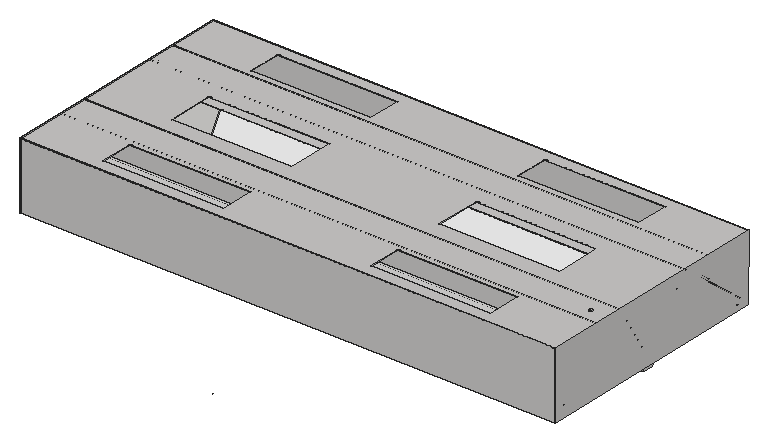
Revit family "QF_ELECTROLUXPROFESSIONAL_640238_STCF1840", category Attrezzature speciali, Revit 2021
Family settings
  Quota connettore circolare = Usa diametro
  Tipo di parte = Normale
  Basato su piano di lavoro = No
  Sempre verticale = Sì
  Taglio con vuoti quando caricato = No
  Condiviso = No
  Punto di calcolo locali = No
Parameters (values of type "Standard")
  Weight = 292.00 kg
  Watts = 640 W
  Volts = 220 V
  URL Manufacturer = "https://www.electroluxprofessional.com/"
  URL = "https://www.electroluxprofessional.com/"
  Steam Supply Size = 0 mm
  Steam Supply Minimum Pressure = 0.0 Pa
  Steam Supply Maximum Pressure = 0.0 Pa
  Steam Consumption per Hour = 0
  Refrigeration Suction Line Size = 0 mm
  Refrigeration Liquid Line Size = 0 mm
  Refrigerant Compressor Remote = yes
  Prospetto di default = 0 mm
  Produttore = "Electrolux Professional"
  Phase = 1
  Modello = "STCF1840"
  Length Actual = 4000 mm  # constant formula
  Item Number = "640238"
  Hot Water Size = 0 mm
  Height Actual = 500 mm  # constant formula
  HP = "0.9 HP"
  Gas Size = 0 mm
  Gas KW = 0
  Gas Input Pressure = 0 W
  Direct Waste Size = 0 mm
  Descrizione = "304 S/S ISLAND HOOD+FILT.+LAMPS 400X180"
  Depth Actual = 1800 mm  # constant formula
  Cycle = 50 Hz
  Condensate Return Size = 0 mm
  Compressed Air Volume = 0.0 L/s
  Compressed Air Size = 0 mm
  Compressed Air Pressure = 0.0 Pa
  Cold Water Size = 0 mm
  Accessory = yes
Reference planes
  plane 1: z = 0
  plane 2 "Center (Left/Right)": x = 150
  plane 3 "LEFT": x = -1850
  plane 4 "RIGHT": x = 2150
  plane 5 "BACK": y = 550
  plane 6 "TOP": z = 2500
  plane 7 "Base": z = 2000
  plane 8: z = 1955
  plane 9: x = -1847
  plane 10 "DrainX": x = 2030
  plane 11 "AOLeft2": x = -400
  plane 12 "AORight1": x = 700
  plane 13: x = 2147
  plane 14: x = -1650
  plane 15: x = 1950
  plane 16 "Center (Front/Back)": y = -350
  plane 17 "Front": y = -1250
  plane 18 "AOLeft1": x = -1300
  plane 19 "AORight2": x = 1600
  plane 20 "EI_y": y = -770
  plane 21 "EIx": x = 2030
  plane 22: y = 464
  plane 23: y = 214
  plane 24: y = -1164
  plane 25: y = -914
  plane 26: y = -175
  plane 27: y = -525
Forms (mm)
  Extrusion 1, solid, material "QF_Finishes_Stainless Steel"
    sketch origin (-1850, 0, 360) x (0, 1, 0) y (0, 0, 1)
      loop
        line (550, 1640) -> (550, 2140) -> (-1250, 2140) -> (-1250, 1640) -> (550, 1640)
    from 0 to 3
  Extrusion 2, solid, material "QF_Finishes_Stainless Steel"
    sketch origin (2150, 0, 360) x (0, 1, 0) y (0, 0, 1)
      loop
        line (550, 1640) -> (550, 2140) -> (-1250, 2140) -> (-1250, 1640) -> (550, 1640)
    from 0 to -3
  Extrusion 3, solid, material "QF_Finishes_Stainless Steel"
    sketch origin (150, 0, 360) x (0, 1, 0) y (0, 0, 1)
      loop
        line (-1250, 2140) -> (-1250, 1640) -> (-1240, 1640) -> (-1240, 1640.8) -> (-1249.2, 1640.8) -> (-1249.2, 2139.19) -> (549.2, 2139.19) -> (549.2, 1640.8) -> (540, 1640.8) -> (540, 1640) -> (550, 1640) -> (550, 2140) -> (-1250, 2140)
    from -2000 to 2000
  Extrusion 4, solid, material "QF_Finishes_Stainless Steel"
    sketch origin (0, -840, 2000) x (0, 1, 0) y (-1, 0, 0)
      loop
        circle (490, -2030) r 4.763
    from -30 to 0
  Extrusion 5, void
    sketch origin (0, 0, 2500) x (0, 1, 0) y (-1, 0, 0)
      loop
        line (-1164, 400) -> (-914, 400) -> (-914, 1300) -> (-1164, 1300) -> (-1164, 400)
    from 0 to -10
  Extrusion 6, solid, material "QF_Finishes_Stainless Steel"
    sketch origin (0, 0, 0) x (1, 0, 0) y (0, 1, 0)
      loop
        line (-1850, 550) -> (-1850, 549) -> (-1849, 549) -> (-1849, 550) -> (-1850, 550)
    from 0 to 1
  Sweep 7, solid, material "QF_Finishes_Stainless Steel"
    path origin (0, 0, 0) x (1, 0, 0) y (0, 1, 0)
      loop
        line (2150, 550) -> (-1850, 550) -> (-1850, -1250) -> (2150, -1250) -> (2150, 550)
    profile origin (2150, -350, 0) x (1, 0, 0) y (0, 0, 1)
      loop
        line (-3, 2000) -> (-3, 2000.8) -> (-19, 2000.8) -> (-19, 2010) -> (-20, 2010) -> (-20, 2000) -> (-3, 2000)
  Extrusion 8, solid, material "QF_Finishes_Stainless Steel"
    sketch origin (150, -826.94, 0) x (0, 1, 0) y (0, 0, 1)
      loop
        line (414.66, 2095.469) -> (440.643, 2110.471) -> (261.744, 2411.771) -> (235.948, 2396.455) -> (414.66, 2095.469)
    from -1997 to -1800
  Extrusion 9, void
    sketch origin (1134.605, 0, 2500) x (0, 1, 0) y (-1, 0, 0)
      loop
        line (-1164, -465.395) -> (-914, -465.395) -> (-914, 434.605) -> (-1164, 434.605) -> (-1164, -465.395)
    from 0 to -10
  Extrusion 10, solid, material "QF_Finishes_Stainless Steel"
    sketch origin (2030, -840, 0) x (0, 1, 0) y (0, 0, 1)
      loop
        line (539, 2000) -> (441, 2000) -> (441, 1989) -> (448.5, 1989) -> (448.5, 1965)
        arc (448.5, 1965) -> (451.429, 1957.929) -> (458.5, 1955) r 10
        line (458.5, 1955) -> (521.5, 1955)
        arc (521.5, 1955) -> (528.571, 1957.929) -> (531.5, 1965) r 10
        line (531.5, 1965) -> (531.5, 1989) -> (539, 1989) -> (539, 2000)
    from 90 to -90
  Extrusion 11, solid, material "QF_Finishes_Stainless Steel"
    sketch origin (150, -826.94, 0) x (0, 1, 0) y (0, 0, 1)
      loop
        line (414.66, 2095.469) -> (440.643, 2110.471) -> (261.744, 2411.771) -> (235.948, 2396.455) -> (414.66, 2095.469)
    from 1800 to 1997
  Extrusion 12, solid, material "QF_Finished_Chrome"
    sketch origin (150, -826.94, 0) x (0, 1, 0) y (0, 0, 1)
      loop
        line (414.66, 2095.469) -> (440.643, 2110.471) -> (261.744, 2411.771) -> (235.948, 2396.455) -> (414.66, 2095.469)
    from -1800 to 1800
  Extrusion 13, void
    sketch origin (0, 1180, 2500) x (0, 1, 0) y (-1, 0, 0)
      loop
        line (-1355, 400) -> (-1355, 1300) -> (-1705, 1300) -> (-1705, 400) -> (-1355, 400)
    from 0 to -10
  Extrusion 14, void
    sketch origin (1600, 1180, 2500) x (0, 1, 0) y (-1, 0, 0)
      loop
        line (-1355, 0) -> (-1355, 900) -> (-1705, 900) -> (-1705, 0) -> (-1355, 0)
    from 0 to -10
  Extrusion 15, solid, material "QF_Finishes_Stainless Steel"
    sketch origin (0, 0, 2500) x (0, 1, 0) y (-1, 0, 0)
      loop
        circle (-770, -2030) r 10
    from 0 to 1.6
  Extrusion 16, solid, material "QF_Finishes_Stainless Steel"
    sketch origin (150, -826.94, 360) x (0, 1, 0) y (0, 0, 1)
      loop
        line (430.005, 1640) -> (476.94, 1640) -> (476.94, 1640.8) -> (430.467, 1640.8) -> (371.906, 1742.23) -> (414.858, 1734.657) -> (442.266, 1750.481) -> (442.266, 1765.943) -> (441.466, 1765.943) -> (441.466, 1750.943) -> (414.709, 1735.495) -> (321.153, 1751.991) -> (320.875, 1750.416) -> (371.4, 1741.507) -> (430.005, 1640)
      loop
        line (172.529, 2139.19) -> (242.893, 2017.316) -> (245.133, 2018.715) -> (240.13, 2027.381) -> (238.569, 2026.405) -> (173.453, 2139.19) -> (172.529, 2139.19)
    from -1997 to 1997
  Extrusion 17, solid, material "QF_LAMPS"
    sketch origin (150, 0, 360) x (0, 1, 0) y (0, 0, 1)
      loop
        line (-872.823, 1962.324) -> (-718.948, 2086.929) -> (-727.129, 2097.032) -> (-881.003, 1972.426) -> (-872.823, 1962.324)
    from 1997 to -1997
  Extrusion 18, solid, material "QF_Finishes_Stainless Steel"
    sketch origin (150, 0, 360) x (0, 1, 0) y (0, 0, 1)
      loop
        line (-1250, 2139.19) -> (-1250, 1640) -> (-1186.602, 1640) -> (-1099.146, 1690.493) -> (-1110.058, 1709.394) -> (-1166.564, 1676.77) -> (-1214.704, 1680.982) -> (-1249.2, 1730.248) -> (-1249.2, 2139.19) -> (-1250, 2139.19)
      loop
        line (-873.6, 1961.694) -> (-881.937, 1971.99) -> (-869.095, 1982.182) -> (-869.095, 2139.19) -> (-869.895, 2139.19) -> (-869.895, 1982.569) -> (-1182.298, 1734.63) -> (-1171.091, 1720.79) -> (-873.6, 1961.694)
      loop
        line (-727.61, 2099.216) -> (-718.171, 2087.559) -> (-654.411, 2139.19) -> (-655.682, 2139.19) -> (-718.052, 2088.684) -> (-726.989, 2099.719) -> (-727.61, 2099.216)
    from -1997 to 1997
  Extrusion 19, solid, material "QF_Finishes_Stainless Steel"
    sketch origin (150, 126.94, 360) x (0, -1, 0) y (0, 0, -1)
      loop
        line (430.005, -1640) -> (371.4, -1741.507) -> (320.875, -1750.416) -> (321.153, -1751.991) -> (414.709, -1735.495) -> (441.466, -1750.943) -> (441.466, -1765.943) -> (442.266, -1765.943) -> (442.266, -1750.481) -> (414.858, -1734.657) -> (371.906, -1742.23) -> (430.467, -1640.8) -> (476.94, -1640.8) -> (476.94, -1640) -> (430.005, -1640)
      loop
        line (172.529, -2139.19) -> (173.453, -2139.19) -> (238.569, -2026.405) -> (240.13, -2027.381) -> (245.133, -2018.715) -> (242.893, -2017.316) -> (172.529, -2139.19)
    from -1997 to 1997
  Extrusion 20, solid, material "QF_LAMPS"
    sketch origin (150, -700, 360) x (0, -1, 0) y (0, 0, -1)
      loop
        line (-872.823, -1962.324) -> (-881.003, -1972.426) -> (-727.129, -2097.032) -> (-718.948, -2086.929) -> (-872.823, -1962.324)
    from 1997 to -1997
  Extrusion 21, solid, material "QF_Finishes_Stainless Steel"
    sketch origin (150, -700, 360) x (0, -1, 0) y (0, 0, -1)
      loop
        line (-1250, -2139.19) -> (-1249.2, -2139.19) -> (-1249.2, -1730.248) -> (-1214.704, -1680.982) -> (-1166.564, -1676.77) -> (-1110.058, -1709.394) -> (-1099.146, -1690.493) -> (-1186.602, -1640) -> (-1250, -1640) -> (-1250, -2139.19)
      loop
        line (-873.6, -1961.694) -> (-1171.091, -1720.79) -> (-1182.298, -1734.63) -> (-869.895, -1982.569) -> (-869.895, -2139.19) -> (-869.095, -2139.19) -> (-869.095, -1982.182) -> (-881.937, -1971.99) -> (-873.6, -1961.694)
      loop
        line (-727.61, -2099.216) -> (-726.989, -2099.719) -> (-718.052, -2088.684) -> (-655.682, -2139.19) -> (-654.411, -2139.19) -> (-718.171, -2087.559) -> (-727.61, -2099.216)
    from -1997 to 1997
  Extrusion 22, solid, material "QF_Finishes_Stainless Steel"
    sketch origin (150, 126.94, 0) x (0, -1, 0) y (0, 0, -1)
      loop
        line (414.66, -2095.469) -> (235.948, -2396.455) -> (261.744, -2411.771) -> (440.643, -2110.471) -> (414.66, -2095.469)
    from -1997 to -1400
  Extrusion 23, solid, material "QF_Finishes_Stainless Steel"
    sketch origin (150, 126.94, 0) x (0, -1, 0) y (0, 0, -1)
      loop
        line (414.66, -2095.469) -> (235.948, -2396.455) -> (261.744, -2411.771) -> (440.643, -2110.471) -> (414.66, -2095.469)
    from 1400 to 1997
  Extrusion 24, solid, material "QF_Finished_Chrome"
    sketch origin (150, 126.94, 0) x (0, -1, 0) y (0, 0, -1)
      loop
        line (414.66, -2095.469) -> (235.948, -2396.455) -> (261.744, -2411.771) -> (440.643, -2110.471) -> (414.66, -2095.469)
    from -1800 to 1800
  Extrusion 25, void
    sketch origin (0, 814, 2500) x (0, 1, 0) y (-1, 0, 0)
      loop
        line (-600, 400) -> (-350, 400) -> (-350, 1300) -> (-600, 1300) -> (-600, 400)
    from 0 to -10
  Extrusion 26, void
    sketch origin (1134.605, 814, 2500) x (0, 1, 0) y (-1, 0, 0)
      loop
        line (-600, -465.395) -> (-350, -465.395) -> (-350, 434.605) -> (-600, 434.605) -> (-600, -465.395)
    from 0 to -10
  Extrusion 27, solid, material "QF_Finishes_Stainless Steel"
    sketch origin (150, 126.94, 0) x (0, -1, 0) y (0, 0, -1)
      loop
        line (414.66, -2095.469) -> (235.948, -2396.455) -> (261.744, -2411.771) -> (440.643, -2110.471) -> (414.66, -2095.469)
    from -1997 to -1800
  Extrusion 28, solid, material "QF_Finishes_Stainless Steel"
    sketch origin (150, 126.94, 0) x (0, -1, 0) y (0, 0, -1)
      loop
        line (414.66, -2095.469) -> (235.948, -2396.455) -> (261.744, -2411.771) -> (440.643, -2110.471) -> (414.66, -2095.469)
    from 1997 to 1800
Cuts and joins
  Extrusion 5, Extrusion 9, Extrusion 13, Extrusion 14, Extrusion 25, Extrusion 26 cuts Extrusion 3
  joined: Extrusion 2, Extrusion 3, Sweep 7
Lines and regions (mm)
  symbolic lines, style "SpecialityEquipment", detail levels coarse
    curve 1: line (2150, 550, 2500) -> (-1850, 550, 2500)
    curve 2: line (-1850, 550, 2500) -> (-1850, -1250, 2500)
    curve 3: line (2150, -1250, 2500) -> (2150, 550, 2500)
    curve 4: line (-1850, 550, 0) -> (2150, -1250, 0)
    curve 5: line (2150, 550, 0) -> (-1850, -1250, 0)
    curve 6: line (-1850, -1250, 0) -> (2150, -1250, 0)
  symbolic lines, detail levels coarse
    curve 7: line (-1300, 464, 2500) -> (-400, 464, 2500)
    curve 8: line (-1300, 214, 2500) -> (-1300, 464, 2500)
    curve 9: line (-400, 214, 2500) -> (-1300, 214, 2500)
    curve 10: line (-400, 464, 2500) -> (-400, 214, 2500)
    curve 11: line (700, 464, 2500) -> (1600, 464, 2500)
    curve 12: line (700, 214, 2500) -> (700, 464, 2500)
    curve 13: line (1600, 214, 2500) -> (700, 214, 2500)
    curve 14: line (1600, 464, 2500) -> (1600, 214, 2500)
    curve 15: line (700, -175, 2500) -> (1600, -175, 2500)
    curve 16: line (700, -525, 2500) -> (700, -175, 2500)
    curve 17: line (1600, -525, 2500) -> (700, -525, 2500)
    curve 18: line (1600, -175, 2500) -> (1600, -525, 2500)
    curve 19: line (700, -914, 2500) -> (1600, -914, 2500)
    curve 20: line (700, -1164, 2500) -> (700, -914, 2500)
    curve 21: line (1600, -1164, 2500) -> (700, -1164, 2500)
    curve 22: line (1600, -914, 2500) -> (1600, -1164, 2500)
    curve 23: line (-1300, -914, 2500) -> (-400, -914, 2500)
    curve 24: line (-1300, -1164, 2500) -> (-1300, -914, 2500)
    curve 25: line (-400, -1164, 2500) -> (-1300, -1164, 2500)
    curve 26: line (-400, -914, 2500) -> (-400, -1164, 2500)
    curve 27: line (-1300, -175, 2500) -> (-400, -175, 2500)
    curve 28: line (-1300, -525, 2500) -> (-1300, -175, 2500)
    curve 29: line (-400, -525, 2500) -> (-1300, -525, 2500)
    curve 30: line (-400, -175, 2500) -> (-400, -525, 2500)
Dimensions and locks
  plane 3 "LEFT" to plane 4 "RIGHT" = 4000 mm
  equal spacing: plane 3 "LEFT", plane 2 "Center (Left/Right)", plane 4 "RIGHT"
  plane 7 "Base" to plane 8 = 45 mm
  plane 3 "LEFT" to plane 9 = 3 mm
  plane 10 "DrainX" to plane 4 "RIGHT" = 120 mm
  plane 13 to plane 4 "RIGHT" = 3 mm
  plane 3 "LEFT" to plane 14 = 200 mm
  plane 15 to plane 4 "RIGHT" = 200 mm
  locked: plane 11 "AOLeft2" to plane 12 "AORight1" at 1100
  equal spacing: plane 11 "AOLeft2", plane 2 "Center (Left/Right)", plane 12 "AORight1"
  locked: plane 7 "Base" to level at 2000
  locked: plane 6 "TOP" to plane 7 "Base" at 500
  equal spacing: plane 5 "BACK", plane 16 "Center (Front/Back)", plane 17 "Front"
  locked: plane 18 "AOLeft1" to plane 11 "AOLeft2" at 900
  locked: plane 12 "AORight1" to plane 19 "AORight2" at 900
  locked: plane 20 "EI_y" to plane 17 "Front" at 480
  locked: plane 21 "EIx" to plane 4 "RIGHT" at 120
  locked: plane 5 "BACK" to plane 22 at 86
  plane 22 to plane 23 = 250 mm
  locked: plane 24 to plane 17 "Front" at 86
  locked: plane 24 to plane 25 at 250
  plane 26 to plane 16 "Center (Front/Back)" = 175 mm
  plane 16 "Center (Front/Back)" to plane 27 = 175 mm
  locked: plane 5 "BACK" to plane 17 "Front" at 1800
  plane 5 "BACK" to plane 17 "Front" = 1800 mm
  plane 26 to plane 27 = 350 mm
  aligned and locked: level to plane 1
  aligned and locked: plane 4 "RIGHT" to Extrusion 3
  aligned and locked: Extrusion 3 to plane 3 "LEFT"
  aligned and locked: Extrusion 2 to plane 13
  aligned and locked: Extrusion 8 to plane 9
  aligned and locked: plane 18 "AOLeft1" to Extrusion 5
  aligned and locked: Extrusion 5 to plane 11 "AOLeft2"
  aligned and locked: Extrusion 9 to plane 19 "AORight2"
  aligned and locked: plane 12 "AORight1" to Extrusion 9
  aligned and locked: plane 14 to Extrusion 8
  aligned and locked: plane 15 to Extrusion 11
  aligned and locked: plane 13 to Extrusion 11
  aligned and locked: Extrusion 12 to plane 14
  aligned and locked: Extrusion 12 to plane 15
  aligned and locked: plane 12 "AORight1" to Extrusion 14
  aligned and locked: plane 19 "AORight2" to Extrusion 14
  aligned and locked: Extrusion 13 to plane 18 "AOLeft1"
  aligned and locked: Extrusion 13 to plane 11 "AOLeft2"
  aligned and locked: Extrusion 16 to plane 9
  aligned and locked: plane 13 to Extrusion 16
  aligned and locked: Extrusion 24 to plane 14
  aligned and locked: Extrusion 24 to plane 15
  aligned and locked: plane 24 to Extrusion 5
  aligned and locked: Extrusion 5 to plane 25
  aligned and locked: Extrusion 9 to plane 25
  aligned and locked: plane 24 to Extrusion 9
  aligned and locked: Extrusion 25 to plane 18 "AOLeft1"
  aligned and locked: Extrusion 25 to plane 11 "AOLeft2"
  aligned and locked: plane 12 "AORight1" to Extrusion 26
  aligned and locked: plane 19 "AORight2" to Extrusion 26
  aligned and locked: plane 26 to Extrusion 13
  aligned and locked: Extrusion 13 to plane 27
  aligned and locked: plane 26 to Extrusion 14
  aligned and locked: Extrusion 14 to plane 27
  aligned and locked: plane 22 to Extrusion 25
  aligned and locked: Extrusion 25 to plane 23
  aligned and locked: plane 22 to Extrusion 26
  aligned and locked: Extrusion 26 to plane 23
  aligned and locked: Extrusion 21 to plane 9
  aligned and locked: Extrusion 20 to plane 9
  aligned and locked: Extrusion 19 to plane 9
  aligned and locked: plane 9 to Extrusion 22
  aligned and locked: Extrusion 18 to plane 9
  aligned and locked: Extrusion 17 to plane 9
  aligned and locked: plane 13 to Extrusion 21
  aligned and locked: plane 13 to Extrusion 20
  aligned and locked: plane 13 to Extrusion 19
  aligned and locked: Extrusion 23 to plane 13
  aligned and locked: plane 13 to Extrusion 17
  aligned and locked: Extrusion 18 to plane 13
  aligned and locked: plane 14 to Extrusion 27
  aligned and locked: Extrusion 27 to plane 9
  aligned and locked: Extrusion 28 to plane 13
  aligned and locked: plane 15 to Extrusion 28
Automatic sketch dimensions
  curve 6 to plane 3 "LEFT" = 0 mm
  curve 4 to plane 3 "LEFT" = 0 mm
  curve 5 to plane 4 "RIGHT" = 0 mm
  curve 6 to plane 4 "RIGHT" = 0 mm
  curve 4 to plane 17 "Front" = 0 mm
  curve 5 to plane 5 "BACK" = 0 mm
  curve 4 to plane 5 "BACK" = 0 mm
  Extrusion 1 sketch curve to plane 7 "Base" = 0 mm
  Extrusion 1 sketch curve to plane 17 "Front" = 0 mm
  Extrusion 1 sketch curve to plane 5 "BACK" = 0 mm
  Extrusion 1 sketch curve to plane 6 "TOP" = 0 mm
  Extrusion 2 sketch curve to plane 7 "Base" = 0 mm
  Extrusion 2 sketch curve to plane 17 "Front" = 0 mm
  Extrusion 2 sketch curve to plane 5 "BACK" = 0 mm
  Extrusion 2 sketch curve to plane 6 "TOP" = 0 mm
  Extrusion 3 sketch curve to plane 6 "TOP" = 0 mm
  Extrusion 3 sketch curve to plane 17 "Front" = 0 mm
  Extrusion 3 sketch curve to plane 7 "Base" = 0 mm  (x2)
  Extrusion 3 sketch curve to plane 5 "BACK" = 0 mm
  plane 17 "Front" to Extrusion 3 sketch curve = 0.8 mm
  Extrusion 3 sketch curve to Extrusion 3 sketch curve = 9.2 mm
  plane 7 "Base" to Extrusion 3 sketch curve = 0.8 mm  (x2)
  Extrusion 3 sketch curve to plane 5 "BACK" = 10 mm
  Extrusion 3 sketch curve to plane 5 "BACK" = 0.8 mm
  Extrusion 3 sketch curve to plane 6 "TOP" = 0.81 mm
  Extrusion 4 sketch curve to plane 10 "DrainX" = 0 mm
  Extrusion 4 sketch curve to plane 16 "Center (Front/Back)" = 0 mm
  Extrusion 5 sketch curve to plane 18 "AOLeft1" = 0 mm
  plane 24 to Extrusion 5 sketch curve = 0 mm
  Extrusion 5 sketch curve to plane 11 "AOLeft2" = 0 mm
  plane 25 to Extrusion 5 sketch curve = 0 mm
  Extrusion 6 sketch curve to plane 3 "LEFT" = 0 mm
  Extrusion 6 sketch curve to plane 5 "BACK" = 0 mm
  plane 3 "LEFT" to Extrusion 6 sketch curve = 1 mm
  Extrusion 6 sketch curve to Extrusion 6 sketch curve = 1 mm
  Sweep 7 sketch curve to plane 3 "LEFT" = 0 mm
  Sweep 7 sketch curve to plane 4 "RIGHT" = 0 mm
  Sweep 7 sketch curve to plane 17 "Front" = 0 mm
  Sweep 7 sketch curve to plane 5 "BACK" = 0 mm
  profile plane to Sweep 7 sketch curve = 20 mm
  Sweep 7 sketch curve to Sweep 7 sketch curve = 1 mm
  profile plane to Sweep 7 sketch curve = 3 mm
  level to Sweep 7 sketch curve = 2000 mm
  Sweep 7 sketch curve to Sweep 7 sketch curve = 0.8 mm
  Sweep 7 sketch curve to Sweep 7 sketch curve = 9.2 mm
  Extrusion 8 sketch curve to plane 27 = 65.992 mm
  Extrusion 8 sketch curve to Extrusion 8 sketch curve = 25.795 mm
  Extrusion 8 sketch curve to plane 16 "Center (Front/Back)" = 62.28 mm
  Extrusion 8 sketch curve to Extrusion 8 sketch curve = 25.983 mm
  plane 7 "Base" to Extrusion 8 sketch curve = 95.469 mm
  Extrusion 8 sketch curve to Extrusion 8 sketch curve = 15.001 mm
  Extrusion 8 sketch curve to plane 6 "TOP" = 103.545 mm
  Extrusion 8 sketch curve to Extrusion 8 sketch curve = 15.316 mm
  Extrusion 9 sketch curve to plane 12 "AORight1" = 0 mm
  plane 24 to Extrusion 9 sketch curve = 0 mm
  Extrusion 9 sketch curve to plane 19 "AORight2" = 0 mm
  plane 25 to Extrusion 9 sketch curve = 0 mm
  Extrusion 10 sketch curve to plane 8 = 0 mm
  Extrusion 10 sketch curve to plane 7 "Base" = 11 mm  (x2)
  Extrusion 10 sketch curve to plane 16 "Center (Front/Back)" = 49 mm
  Extrusion 10 sketch curve to Extrusion 10 sketch curve = 7.5 mm  (x2)
  Extrusion 10 sketch curve to Extrusion 10 sketch curve = 10 mm  (x2)
  plane 16 "Center (Front/Back)" to Extrusion 10 sketch curve = 31.5 mm
  plane 7 "Base" to Extrusion 10 sketch curve = 0 mm
  Extrusion 11 sketch curve to plane 27 = 65.992 mm
  Extrusion 11 sketch curve to Extrusion 11 sketch curve = 25.795 mm
  Extrusion 11 sketch curve to plane 16 "Center (Front/Back)" = 62.28 mm
  Extrusion 11 sketch curve to Extrusion 11 sketch curve = 25.983 mm
  plane 7 "Base" to Extrusion 11 sketch curve = 95.469 mm
  Extrusion 11 sketch curve to Extrusion 11 sketch curve = 15.001 mm
  Extrusion 11 sketch curve to plane 6 "TOP" = 103.545 mm
  Extrusion 11 sketch curve to Extrusion 11 sketch curve = 15.316 mm
  Extrusion 12 sketch curve to plane 27 = 65.992 mm
  Extrusion 12 sketch curve to Extrusion 12 sketch curve = 25.795 mm
  Extrusion 12 sketch curve to plane 16 "Center (Front/Back)" = 62.28 mm
  Extrusion 12 sketch curve to Extrusion 12 sketch curve = 25.983 mm
  plane 7 "Base" to Extrusion 12 sketch curve = 95.469 mm
  Extrusion 12 sketch curve to Extrusion 12 sketch curve = 15.001 mm
  Extrusion 12 sketch curve to plane 6 "TOP" = 103.545 mm
  Extrusion 12 sketch curve to Extrusion 12 sketch curve = 15.316 mm
  Extrusion 13 sketch curve to plane 11 "AOLeft2" = 0 mm
  Extrusion 13 sketch curve to plane 27 = 0 mm
  Extrusion 13 sketch curve to plane 26 = 0 mm
  Extrusion 13 sketch curve to plane 18 "AOLeft1" = 0 mm
  Extrusion 14 sketch curve to plane 19 "AORight2" = 0 mm
  Extrusion 14 sketch curve to plane 27 = 0 mm
  Extrusion 14 sketch curve to plane 26 = 0 mm
  Extrusion 14 sketch curve to plane 12 "AORight1" = 0 mm
  Extrusion 15 sketch curve to plane 20 "EI_y" = 0 mm
  Extrusion 15 sketch curve to plane 21 "EIx" = 0 mm
  Extrusion 16 sketch curve to plane 7 "Base" = 0 mm
  Extrusion 16 sketch curve to plane 6 "TOP" = 0.81 mm
  plane 20 "EI_y" to Extrusion 16 sketch curve = 115.589 mm
  Extrusion 16 sketch curve to Extrusion 16 sketch curve = 0.924 mm
  Extrusion 16 sketch curve to plane 27 = 63.371 mm
  Extrusion 16 sketch curve to Extrusion 16 sketch curve = 1.561 mm
  Extrusion 16 sketch curve to Extrusion 16 sketch curve = 4.324 mm
  Extrusion 16 sketch curve to Extrusion 16 sketch curve = 2.24 mm
  plane 27 to Extrusion 16 sketch curve = 18.935 mm
  Extrusion 16 sketch curve to Extrusion 16 sketch curve = 0.278 mm
  Extrusion 16 sketch curve to Extrusion 16 sketch curve = 50.525 mm
  Extrusion 16 sketch curve to Extrusion 16 sketch curve = 0.506 mm
  Extrusion 16 sketch curve to Extrusion 16 sketch curve = 42.803 mm
  Extrusion 16 sketch curve to Extrusion 16 sketch curve = 0.148 mm
  Extrusion 16 sketch curve to plane 16 "Center (Front/Back)" = 46.935 mm
  plane 7 "Base" to Extrusion 16 sketch curve = 0.8 mm
  Extrusion 16 sketch curve to Extrusion 16 sketch curve = 0.462 mm  (x2)
  Extrusion 16 sketch curve to Extrusion 16 sketch curve = 46.473 mm
  Extrusion 16 sketch curve to plane 16 "Center (Front/Back)" = 35.474 mm
  Extrusion 16 sketch curve to Extrusion 16 sketch curve = 0.8 mm
  plane 7 "Base" to Extrusion 16 sketch curve = 94.657 mm
  Extrusion 16 sketch curve to Extrusion 16 sketch curve = 0.838 mm
  Extrusion 16 sketch curve to Extrusion 16 sketch curve = 6.012 mm
  Extrusion 16 sketch curve to Extrusion 16 sketch curve = 0.723 mm
  Extrusion 16 sketch curve to Extrusion 16 sketch curve = 14.986 mm
  Extrusion 16 sketch curve to Extrusion 16 sketch curve = 15 mm
  Extrusion 16 sketch curve to plane 6 "TOP" = 122.684 mm
  Extrusion 16 sketch curve to Extrusion 16 sketch curve = 1.399 mm
  Extrusion 16 sketch curve to Extrusion 16 sketch curve = 9.089 mm
  Extrusion 16 sketch curve to Extrusion 16 sketch curve = 0.975 mm
  Extrusion 17 sketch curve to plane 25 = 32.997 mm
  Extrusion 17 sketch curve to Extrusion 17 sketch curve = 8.181 mm  (x2)
  plane 20 "EI_y" to Extrusion 17 sketch curve = 42.871 mm
  Extrusion 17 sketch curve to plane 6 "TOP" = 177.676 mm
  Extrusion 17 sketch curve to Extrusion 17 sketch curve = 10.102 mm
  Extrusion 17 sketch curve to plane 6 "TOP" = 53.071 mm
  Extrusion 17 sketch curve to Extrusion 17 sketch curve = 10.103 mm
  Extrusion 18 sketch curve to plane 7 "Base" = 0 mm
  Extrusion 18 sketch curve to plane 17 "Front" = 0 mm
  Extrusion 18 sketch curve to Extrusion 18 sketch curve = 0.8 mm  (x2)
  plane 17 "Front" to Extrusion 18 sketch curve = 35.296 mm
  plane 24 to Extrusion 18 sketch curve = 22.602 mm
  plane 24 to Extrusion 18 sketch curve = 18.298 mm
  plane 24 to Extrusion 18 sketch curve = 7.091 mm
  plane 24 to Extrusion 18 sketch curve = 2.564 mm
  Extrusion 18 sketch curve to plane 24 = 53.942 mm
  Extrusion 18 sketch curve to Extrusion 18 sketch curve = 10.912 mm
  Extrusion 18 sketch curve to plane 25 = 32.063 mm
  Extrusion 18 sketch curve to Extrusion 18 sketch curve = 8.337 mm
  Extrusion 18 sketch curve to Extrusion 18 sketch curve = 12.042 mm
  plane 20 "EI_y" to Extrusion 18 sketch curve = 42.39 mm
  Extrusion 18 sketch curve to Extrusion 18 sketch curve = 0.622 mm
  Extrusion 18 sketch curve to Extrusion 18 sketch curve = 9.44 mm
  Extrusion 18 sketch curve to Extrusion 18 sketch curve = 0.118 mm
  Extrusion 18 sketch curve to plane 6 "TOP" = 0.81 mm  (x3)
  Extrusion 18 sketch curve to Extrusion 18 sketch curve = 62.37 mm
  Extrusion 18 sketch curve to Extrusion 18 sketch curve = 1.271 mm
  plane 7 "Base" to Extrusion 18 sketch curve = 36.77 mm
  plane 7 "Base" to Extrusion 18 sketch curve = 40.982 mm
  plane 7 "Base" to Extrusion 18 sketch curve = 50.493 mm
  Extrusion 18 sketch curve to Extrusion 18 sketch curve = 18.901 mm
  Extrusion 18 sketch curve to Extrusion 18 sketch curve = 44.02 mm
  Extrusion 18 sketch curve to Extrusion 18 sketch curve = 49.266 mm
  Extrusion 18 sketch curve to Extrusion 18 sketch curve = 13.84 mm
  Extrusion 18 sketch curve to plane 6 "TOP" = 178.306 mm
  Extrusion 18 sketch curve to Extrusion 18 sketch curve = 10.296 mm
  Extrusion 18 sketch curve to Extrusion 18 sketch curve = 10.192 mm
  Extrusion 18 sketch curve to Extrusion 18 sketch curve = 0.386 mm
  Extrusion 18 sketch curve to plane 6 "TOP" = 52.441 mm
  Extrusion 18 sketch curve to Extrusion 18 sketch curve = 1.125 mm
  Extrusion 19 sketch curve to plane 7 "Base" = 0 mm
  plane 6 "TOP" to Extrusion 19 sketch curve = 0.81 mm
  Extrusion 19 sketch curve to plane 26 = 129.411 mm
  Extrusion 19 sketch curve to Extrusion 19 sketch curve = 0.924 mm
  Extrusion 19 sketch curve to plane 26 = 63.371 mm
  Extrusion 19 sketch curve to Extrusion 19 sketch curve = 1.561 mm
  Extrusion 19 sketch curve to Extrusion 19 sketch curve = 4.324 mm
  Extrusion 19 sketch curve to Extrusion 19 sketch curve = 2.24 mm
  plane 26 to Extrusion 19 sketch curve = 18.935 mm
  Extrusion 19 sketch curve to Extrusion 19 sketch curve = 0.278 mm
  Extrusion 19 sketch curve to Extrusion 19 sketch curve = 50.525 mm
  Extrusion 19 sketch curve to Extrusion 19 sketch curve = 0.506 mm
  Extrusion 19 sketch curve to Extrusion 19 sketch curve = 42.803 mm
  Extrusion 19 sketch curve to Extrusion 19 sketch curve = 0.148 mm
  Extrusion 19 sketch curve to plane 16 "Center (Front/Back)" = 46.935 mm
  Extrusion 19 sketch curve to plane 7 "Base" = 0.8 mm
  Extrusion 19 sketch curve to Extrusion 19 sketch curve = 0.462 mm  (x2)
  Extrusion 19 sketch curve to Extrusion 19 sketch curve = 46.473 mm
  Extrusion 19 sketch curve to plane 16 "Center (Front/Back)" = 35.474 mm
  Extrusion 19 sketch curve to Extrusion 19 sketch curve = 0.8 mm
  Extrusion 19 sketch curve to plane 7 "Base" = 94.657 mm
  Extrusion 19 sketch curve to Extrusion 19 sketch curve = 0.838 mm
  Extrusion 19 sketch curve to Extrusion 19 sketch curve = 6.012 mm
  Extrusion 19 sketch curve to Extrusion 19 sketch curve = 0.723 mm
  Extrusion 19 sketch curve to Extrusion 19 sketch curve = 14.986 mm
  Extrusion 19 sketch curve to Extrusion 19 sketch curve = 15 mm
  plane 6 "TOP" to Extrusion 19 sketch curve = 122.684 mm
  Extrusion 19 sketch curve to Extrusion 19 sketch curve = 1.399 mm
  Extrusion 19 sketch curve to Extrusion 19 sketch curve = 9.089 mm
  Extrusion 19 sketch curve to Extrusion 19 sketch curve = 0.975 mm
  plane 23 to Extrusion 20 sketch curve = 32.997 mm
  Extrusion 20 sketch curve to Extrusion 20 sketch curve = 8.181 mm  (x2)
  plane 6 "TOP" to Extrusion 20 sketch curve = 42.968 mm
  plane 23 to Extrusion 20 sketch curve = 186.871 mm
  plane 6 "TOP" to Extrusion 20 sketch curve = 53.071 mm
  plane 6 "TOP" to Extrusion 20 sketch curve = 167.574 mm
  Extrusion 20 sketch curve to Extrusion 20 sketch curve = 10.102 mm
  Extrusion 21 sketch curve to plane 5 "BACK" = 0 mm
  Extrusion 21 sketch curve to plane 7 "Base" = 0 mm
  Extrusion 21 sketch curve to Extrusion 21 sketch curve = 0.8 mm  (x2)
  plane 5 "BACK" to Extrusion 21 sketch curve = 35.296 mm
  Extrusion 21 sketch curve to plane 22 = 22.602 mm
  Extrusion 21 sketch curve to plane 22 = 18.298 mm
  Extrusion 21 sketch curve to plane 22 = 7.091 mm
  Extrusion 21 sketch curve to plane 22 = 2.564 mm
  plane 22 to Extrusion 21 sketch curve = 53.942 mm
  Extrusion 21 sketch curve to Extrusion 21 sketch curve = 10.912 mm
  plane 23 to Extrusion 21 sketch curve = 32.063 mm
  Extrusion 21 sketch curve to Extrusion 21 sketch curve = 8.337 mm
  Extrusion 21 sketch curve to Extrusion 21 sketch curve = 12.042 mm
  plane 6 "TOP" to Extrusion 21 sketch curve = 40.784 mm
  Extrusion 21 sketch curve to Extrusion 21 sketch curve = 141.485 mm
  plane 6 "TOP" to Extrusion 21 sketch curve = 40.281 mm
  Extrusion 21 sketch curve to Extrusion 21 sketch curve = 0.622 mm
  plane 6 "TOP" to Extrusion 21 sketch curve = 52.441 mm
  plane 6 "TOP" to Extrusion 21 sketch curve = 51.316 mm
  plane 6 "TOP" to Extrusion 21 sketch curve = 0.81 mm  (x3)
  Extrusion 21 sketch curve to Extrusion 21 sketch curve = 62.37 mm
  Extrusion 21 sketch curve to Extrusion 21 sketch curve = 1.271 mm
  Extrusion 21 sketch curve to plane 7 "Base" = 36.77 mm
  Extrusion 21 sketch curve to plane 7 "Base" = 40.982 mm
  Extrusion 21 sketch curve to plane 7 "Base" = 50.493 mm
  Extrusion 21 sketch curve to Extrusion 21 sketch curve = 18.901 mm
  Extrusion 21 sketch curve to Extrusion 21 sketch curve = 44.02 mm
  Extrusion 21 sketch curve to Extrusion 21 sketch curve = 49.266 mm
  Extrusion 21 sketch curve to Extrusion 21 sketch curve = 13.84 mm
  plane 6 "TOP" to Extrusion 21 sketch curve = 178.306 mm
  Extrusion 21 sketch curve to Extrusion 21 sketch curve = 10.296 mm
  Extrusion 21 sketch curve to Extrusion 21 sketch curve = 10.192 mm
  Extrusion 21 sketch curve to Extrusion 21 sketch curve = 0.386 mm
  Extrusion 22 sketch curve to plane 26 = 65.992 mm
  Extrusion 22 sketch curve to Extrusion 22 sketch curve = 25.795 mm
  Extrusion 22 sketch curve to plane 16 "Center (Front/Back)" = 62.28 mm
  Extrusion 22 sketch curve to Extrusion 22 sketch curve = 25.983 mm
  Extrusion 22 sketch curve to plane 7 "Base" = 95.469 mm
  Extrusion 22 sketch curve to Extrusion 22 sketch curve = 15.001 mm
  plane 6 "TOP" to Extrusion 22 sketch curve = 103.545 mm
  Extrusion 22 sketch curve to Extrusion 22 sketch curve = 15.316 mm
  Extrusion 23 sketch curve to plane 26 = 65.992 mm
  Extrusion 23 sketch curve to Extrusion 23 sketch curve = 25.795 mm
  Extrusion 23 sketch curve to plane 16 "Center (Front/Back)" = 62.28 mm
  Extrusion 23 sketch curve to Extrusion 23 sketch curve = 25.983 mm
  Extrusion 23 sketch curve to plane 7 "Base" = 95.469 mm
  Extrusion 23 sketch curve to Extrusion 23 sketch curve = 15.001 mm
  plane 6 "TOP" to Extrusion 23 sketch curve = 103.545 mm
  Extrusion 23 sketch curve to Extrusion 23 sketch curve = 15.316 mm
  Extrusion 24 sketch curve to plane 26 = 65.992 mm
  Extrusion 24 sketch curve to Extrusion 24 sketch curve = 25.795 mm
  Extrusion 24 sketch curve to plane 16 "Center (Front/Back)" = 62.28 mm
  Extrusion 24 sketch curve to Extrusion 24 sketch curve = 25.983 mm
  Extrusion 24 sketch curve to plane 7 "Base" = 95.469 mm
  Extrusion 24 sketch curve to Extrusion 24 sketch curve = 15.001 mm
  plane 6 "TOP" to Extrusion 24 sketch curve = 103.545 mm
  Extrusion 24 sketch curve to Extrusion 24 sketch curve = 15.316 mm
  Extrusion 25 sketch curve to plane 18 "AOLeft1" = 0 mm
  Extrusion 25 sketch curve to plane 23 = 0 mm
  Extrusion 25 sketch curve to plane 11 "AOLeft2" = 0 mm
  Extrusion 25 sketch curve to plane 22 = 0 mm
  Extrusion 26 sketch curve to plane 12 "AORight1" = 0 mm
  Extrusion 26 sketch curve to plane 23 = 0 mm
  Extrusion 26 sketch curve to plane 19 "AORight2" = 0 mm
  Extrusion 26 sketch curve to plane 22 = 0 mm
  Extrusion 27 sketch curve to plane 26 = 65.992 mm
  Extrusion 27 sketch curve to Extrusion 27 sketch curve = 25.795 mm
  Extrusion 27 sketch curve to plane 16 "Center (Front/Back)" = 62.28 mm
  Extrusion 27 sketch curve to Extrusion 27 sketch curve = 25.983 mm
  Extrusion 27 sketch curve to plane 7 "Base" = 95.469 mm
  Extrusion 27 sketch curve to Extrusion 27 sketch curve = 15.001 mm
  plane 6 "TOP" to Extrusion 27 sketch curve = 103.545 mm
  Extrusion 27 sketch curve to Extrusion 27 sketch curve = 15.316 mm
  Extrusion 28 sketch curve to plane 26 = 65.992 mm
  Extrusion 28 sketch curve to Extrusion 28 sketch curve = 25.795 mm
  Extrusion 28 sketch curve to plane 16 "Center (Front/Back)" = 62.28 mm
  Extrusion 28 sketch curve to Extrusion 28 sketch curve = 25.983 mm
  Extrusion 28 sketch curve to plane 7 "Base" = 95.469 mm
  Extrusion 28 sketch curve to Extrusion 28 sketch curve = 15.001 mm
  plane 6 "TOP" to Extrusion 28 sketch curve = 103.545 mm
  Extrusion 28 sketch curve to Extrusion 28 sketch curve = 15.316 mm
  curve 2 to plane 3 "LEFT" = 0 mm
  curve 2 to plane 17 "Front" = 0 mm
  curve 3 to plane 4 "RIGHT" = 0 mm
  curve 3 to plane 17 "Front" = 0 mm
  curve 20 to plane 12 "AORight1" = 0 mm
  plane 24 to curve 20 = 0 mm
  curve 24 to plane 18 "AOLeft1" = 0 mm
  plane 24 to curve 24 = 0 mm
  plane 25 to curve 24 = 0 mm
  plane 25 to curve 19 = 0 mm
  curve 29 to plane 11 "AOLeft2" = 0 mm
  curve 29 to plane 27 = 0 mm
  curve 17 to plane 12 "AORight1" = 0 mm
  curve 17 to plane 27 = 0 mm
  curve 16 to plane 26 = 0 mm
  curve 27 to plane 26 = 0 mm
  curve 12 to plane 12 "AORight1" = 0 mm
  curve 12 to plane 23 = 0 mm
  curve 10 to plane 11 "AOLeft2" = 0 mm
  curve 10 to plane 23 = 0 mm
  curve 8 to plane 18 "AOLeft1" = 0 mm
  curve 8 to plane 22 = 0 mm
  curve 11 to plane 22 = 0 mm
  curve 1 to plane 5 "BACK" = 0 mm
  curve 15 to plane 19 "AORight2" = 0 mm
  curve 22 to plane 19 "AORight2" = 0 mm
  curve 14 to plane 19 "AORight2" = 0 mm
  curve 26 to plane 11 "AOLeft2" = 0 mm
  curve 29 to plane 18 "AOLeft1" = 0 mm
  radius of Extrusion 4 sketch curve = 4.763 mm
  radius of Extrusion 15 sketch curve = 10 mm
Connectors
  piping at (2030, -350, 1970), diameter 9.5
    settings: on Extrusion 4, index 1, connector inside diameter 609.6 mm, connector length 0 mm, flow factor 0, pipe flow 0.0 L/s, pressure drop 0.0 Pa, fitting loss kfactor 0, connector angle 0.00°, fixture units 0, engagement length 0 mm, angle of deflection 0.00°, flow configuration 1, flow direction 2, fitting loss method 0, system type 16, joint type 0, gender type 0, connector reference index -1, connector utility 0, adjustable connector no, is connector primary yes, connector description "Drain"
  hvac at (-850, -1039, 2500)
    settings: on Extrusion 5, index 2, duct flow 0.0 L/s, flow factor 0, pres drop 0.0 Pa, loss coef 0, conn angle 0.00°, conn width 250 mm, conn height 900 mm, conn diameter 609.6 mm, duct sys type 1, conn prof type 1, flow config 1, flow direction 1, loss method 0, conn ref index -1, conn util no, is conn primary yes, conn desc "AIR INLET"
  hvac at (1150, -1039, 2500)
    settings: on Extrusion 9, index 3, duct flow 0.0 L/s, flow factor 0, pres drop 0.0 Pa, loss coef 0, conn angle 0.00°, conn width 250 mm, conn height 900 mm, conn diameter 609.6 mm, duct sys type 1, conn prof type 1, flow config 1, flow direction 1, loss method 0, conn ref index -1, conn util no, is conn primary no, conn desc "AIR INLET"
  hvac at (-850, -350, 2500)
    settings: on Extrusion 13, index 4, duct flow 0.0 L/s, flow factor 0, pres drop 0.0 Pa, loss coef 0, conn angle 0.00°, conn width 350 mm, conn height 900 mm, conn diameter 609.6 mm, duct sys type 3, conn prof type 1, flow config 1, flow direction 2, loss method 0, conn ref index -1, conn util no, is conn primary no, conn desc "EXHAUST OUTLET"
  hvac at (1150, -350, 2500)
    settings: on Extrusion 14, index 5, duct flow 0.0 L/s, flow factor 0, pres drop 0.0 Pa, loss coef 0, conn angle 0.00°, conn width 350 mm, conn height 900 mm, conn diameter 609.6 mm, duct sys type 3, conn prof type 1, flow config 1, flow direction 2, loss method 0, conn ref index -1, conn util no, is conn primary no, conn desc "EXHAUST OUTLET"
  electrical at (2030, -770, 2501.6), driven by "Volts"
    settings: on Extrusion 15, index 6, voltage 220 V, apparent load 0 VA, apparent load phase1 0 VA, apparent load phase2 0 VA, apparent load phase3 0 VA, power factor 1, load classification "Other", number of poles 1, system type 30, power factor state 1, is connector primary yes, connector utility no, sub classification motor no, connector description "Electrical Connection"
  hvac at (-850, 339, 2500)
    settings: on Extrusion 25, index 7, duct flow 0.0 L/s, flow factor 0, pres drop 0.0 Pa, loss coef 0, conn angle 0.00°, conn width 250 mm, conn height 900 mm, conn diameter 609.6 mm, duct sys type 1, conn prof type 1, flow config 1, flow direction 1, loss method 0, conn ref index -1, conn util no, is conn primary no, conn desc "AIR INLET"
  hvac at (1150, 339, 2500)
    settings: on Extrusion 26, index 8, duct flow 0.0 L/s, flow factor 0, pres drop 0.0 Pa, loss coef 0, conn angle 0.00°, conn width 250 mm, conn height 900 mm, conn diameter 609.6 mm, duct sys type 1, conn prof type 1, flow config 1, flow direction 1, loss method 0, conn ref index -1, conn util no, is conn primary no, conn desc "AIR INLET"
